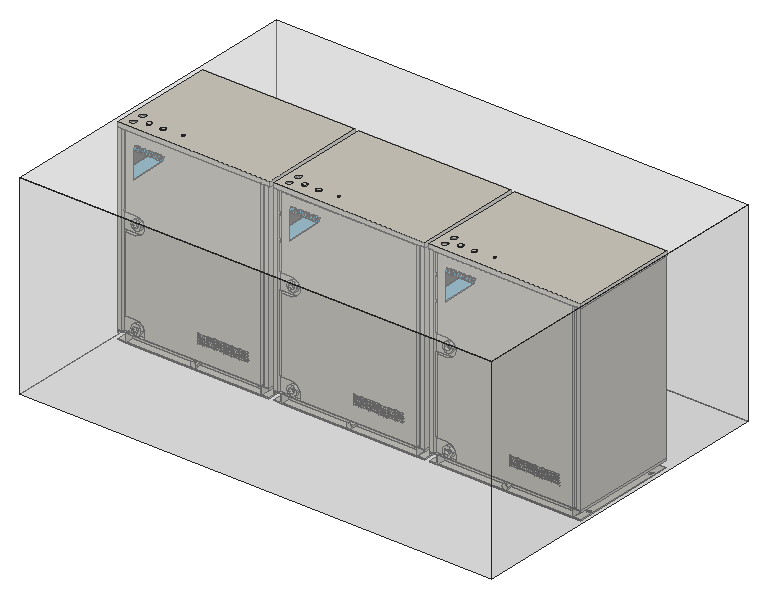
Revit family "outputfile", category 機械設備, Revit 2024 (continued)
Definition of nested family "DAIKIN_outdoorunit_RWEYQ-TY1S"
  Definition of nested family "outdoorunit_frontpanel"
    Dimensions and locks
      aligned and locked: level to plane 2 "Bottom"
      aligned and locked: plane 8 "Left" to Extrusion 1 sketch curve
      aligned and locked: Extrusion 1 sketch curve to plane 4 "Back"
      aligned and locked: plane 5 "Front" to Extrusion 1 sketch curve
      aligned and locked: Extrusion 1 to plane 2 "Bottom"
      aligned and locked: plane 7 "Top" to Extrusion 1
      aligned and locked: plane 3 to plane 8 "Left"
      aligned and locked: plane 8 "Left" to Extrusion 2 sketch curve
      aligned and locked: Extrusion 2 sketch curve to plane 7 "Top"
      aligned and locked: plane 2 "Bottom" to Extrusion 2 sketch curve
      aligned and locked: Extrusion 2 sketch curve to plane 2 "Bottom"
      aligned and locked: plane 6 to Extrusion 2 sketch curve
      aligned and locked: plane 7 "Top" to Extrusion 2 sketch curve
      aligned and locked: Extrusion 2 to plane 1 "Center (Front/Back)"
      aligned and locked: plane 9 "Center L/S" to Extrusion 3
      aligned and locked: Extrusion 4 sketch curve to plane 7 "Top"
      aligned and locked: plane 2 "Bottom" to Extrusion 4 sketch curve
      aligned and locked: Extrusion 4 to plane 9 "Center L/S"
      aligned and locked: Extrusion 5 to plane 5 "Front"
      aligned and locked: plane 9 "Center L/S" to Extrusion 5
      aligned and locked: Extrusion 6 to plane 10 "Center L/T"
    Automatic sketch dimensions
      Extrusion 1 sketch curve to plane 6 = 0.0 mm
      Extrusion 3 sketch curve to plane 7 "Top" = 0.0 mm
      plane 3 to Extrusion 3 sketch curve = 2.0 mm  (x4)
      plane 3 to Extrusion 3 sketch curve = 10.5 mm
      Extrusion 3 sketch curve to Extrusion 3 sketch curve = 71.0 mm
      level to Extrusion 3 sketch curve = 31.0 mm
      Extrusion 3 sketch curve to plane 3 = 33.0 mm
      plane 6 to Extrusion 4 sketch curve = 236.161 mm
      Extrusion 5 sketch curve to Extrusion 5 sketch curve = 0.0 mm  (x4)
      plane 3 to Extrusion 5 sketch curve = 73.0 mm  (x2)
      level to Extrusion 5 sketch curve = 31.0 mm
      Extrusion 5 sketch curve to plane 7 "Top" = 420.0 mm
      level to Extrusion 6 sketch curve = 131.0 mm
      Extrusion 6 sketch curve to plane 6 = 345.2 mm
      Extrusion 6 sketch curve to Extrusion 6 sketch curve = 0.0 mm  (x40)
      Extrusion 6 sketch curve to Extrusion 6 sketch curve = 42.7 mm  (x2)
      Extrusion 6 sketch curve to Extrusion 6 sketch curve = 1.0 mm  (x32)
      Extrusion 6 sketch curve to Extrusion 6 sketch curve = 42.2 mm  (x4)
      Extrusion 6 sketch curve to Extrusion 6 sketch curve = 12.25 mm  (x7)
      Extrusion 6 sketch curve to Extrusion 6 sketch curve = 11.75 mm  (x9)
      radius of Extrusion 5 sketch curve = 25.0 mm  (x2)
      radius of Extrusion 5 sketch curve = 15.5 mm  (x2)
  Definition of nested family "outdoorunit_rightpanel1"
    Parameters (values of type "frontpanel1")
      width = 550.0 mm
      material [instance] = none
      height1 = 931.0 mm
      depth = 20.0 mm
      Default Elevation = 0.0 mm
    Reference planes
      plane 1 "Center (Front/Back)": y = 0
      plane 2 "Bottom": z = 0
      plane 3: x = 0
      plane 4 "Back": y = 10
      plane 5 "Front": y = -10
      plane 6: x = 550
      plane 7 "Top": z = 931
      plane 8 "Left": x = 0
      plane 9: y = -8.75
      plane 10: z = 639
      plane 11: y = -5.75
      plane 12: y = -2.551
      plane 13: y = -13
      plane 14: x = 275
    Forms (mm)
      Extrusion 1, solid, material <- "material"
        sketch origin (0, 0, 0) x (1, 0, 0) y (0, 1, 0)
          loop
            line (0, 10) -> (0, -10) -> (550, -10) -> (550, 10) -> (0, 10)
        from 0 to 931
    Dimensions and locks
      equal spacing: plane 4 "Back", plane 1 "Center (Front/Back)", plane 5 "Front"
      "depth": plane 4 "Back" to plane 5 "Front"
      "width": plane 8 "Left" to plane 6
      "height1": plane 7 "Top" to plane 2 "Bottom"
      locked: plane 10 to plane 2 "Bottom" at 639
      locked: plane 12 to plane 11 at 3.199
      plane 5 "Front" to plane 13 = 3.0 mm
      equal spacing: plane 8 "Left", plane 14, plane 6
      aligned and locked: level to plane 2 "Bottom"
      aligned and locked: plane 8 "Left" to Extrusion 1 sketch curve
      aligned and locked: Extrusion 1 sketch curve to plane 4 "Back"
      aligned and locked: plane 5 "Front" to Extrusion 1 sketch curve
      aligned and locked: Extrusion 1 to plane 2 "Bottom"
      aligned and locked: plane 7 "Top" to Extrusion 1
      aligned and locked: plane 3 to plane 8 "Left"
    Automatic sketch dimensions
      Extrusion 1 sketch curve to plane 6 = 0.0 mm
  Definition of nested family "outdoorunit_backpanel"
    Parameters (values of type "frontpanel1")
      width = 736.0 mm
      material [instance] = none
      height1 = 931.0 mm
      depth = 20.0 mm
      Default Elevation = 0.0 mm
    Reference planes
      plane 1 "Center (Front/Back)": y = 0
      plane 2 "Bottom": z = 0
      plane 3: x = 0
      plane 4 "Back": y = 10
      plane 5 "Front": y = -10
      plane 6: x = 736
      plane 7 "Top": z = 931
      plane 8 "Left": x = 0
      plane 9: z = 639
      plane 10: x = 368
    Forms (mm)
      Extrusion 1, solid, material <- "material"
        sketch origin (0, 0, 0) x (1, 0, 0) y (0, 1, 0)
          loop
            line (0, 10) -> (0, -10) -> (736, -10) -> (736, 10) -> (0, 10)
        from 0 to 931
      Extrusion 2, void
        sketch origin (0, 0, 0) x (1, 0, 0) y (0, 1, 0)
          loop
            line (0, -4) -> (0, -10) -> (21, -10) -> (21, -7) -> (2, -7) -> (2, -4) -> (0, -4)
          loop
            line (736, -4) -> (734, -4) -> (734, -7) -> (715, -7) -> (715, -10) -> (736, -10) -> (736, -4)
        from 0 to 931
    Cuts and joins
      Extrusion 2 cuts Extrusion 1
    Dimensions and locks
      equal spacing: plane 4 "Back", plane 1 "Center (Front/Back)", plane 5 "Front"
      "depth": plane 4 "Back" to plane 5 "Front"
      "width": plane 8 "Left" to plane 6
      "height1": plane 7 "Top" to plane 2 "Bottom"
      locked: plane 9 to plane 2 "Bottom" at 639
      equal spacing: plane 8 "Left", plane 10, plane 6
      aligned and locked: level to plane 2 "Bottom"
      aligned and locked: plane 8 "Left" to Extrusion 1 sketch curve
      aligned and locked: Extrusion 1 sketch curve to plane 4 "Back"
      aligned and locked: plane 5 "Front" to Extrusion 1 sketch curve
      aligned and locked: Extrusion 1 to plane 2 "Bottom"
      aligned and locked: plane 7 "Top" to Extrusion 1
      aligned and locked: plane 3 to plane 8 "Left"
    Automatic sketch dimensions
      Extrusion 1 sketch curve to plane 6 = 0.0 mm
      Extrusion 2 sketch curve to plane 3 = 0.0 mm
      Extrusion 2 sketch curve to plane 5 "Front" = 0.0 mm  (x2)
      Extrusion 2 sketch curve to plane 6 = 0.0 mm
      plane 3 to Extrusion 2 sketch curve = 2.0 mm
      Extrusion 2 sketch curve to Extrusion 2 sketch curve = 19.0 mm
      Extrusion 2 sketch curve to Extrusion 2 sketch curve = 21.0 mm
      Extrusion 2 sketch curve to plane 6 = 2.0 mm
      Extrusion 2 sketch curve to Extrusion 2 sketch curve = 3.0 mm  (x4)
  Definition of nested family "outdoorunit_leftpanel"
    Parameters (values of type "frontpanel1")
      width = 550.0 mm
      material [instance] = none
      height1 = 931.0 mm
      depth = 20.0 mm
      Default Elevation = 0.0 mm
    Reference planes
      plane 1 "Center (Front/Back)": y = 0
      plane 2 "Bottom": z = 0
      plane 3: x = 0
      plane 4 "Back": y = 10
      plane 5 "Front": y = -10
      plane 6: x = 550
      plane 7 "Top": z = 931
      plane 8 "Left": x = 0
      plane 9: y = -8.75
      plane 10: z = 639
      plane 11: y = -5.75
      plane 12: y = -2.551
      plane 13: y = -13
      plane 14: x = 275
    Forms (mm)
      Extrusion 1, solid, material <- "material"
        sketch origin (0, 0, 0) x (1, 0, 0) y (0, 1, 0)
          loop
            line (0, 10) -> (0, -10) -> (550, -10) -> (550, 10) -> (0, 10)
        from 0 to 931
    Dimensions and locks
      equal spacing: plane 4 "Back", plane 1 "Center (Front/Back)", plane 5 "Front"
      "depth": plane 4 "Back" to plane 5 "Front"
      "width": plane 8 "Left" to plane 6
      "height1": plane 7 "Top" to plane 2 "Bottom"
      locked: plane 10 to plane 2 "Bottom" at 639
      locked: plane 12 to plane 11 at 3.199
      plane 5 "Front" to plane 13 = 3.0 mm
      equal spacing: plane 8 "Left", plane 14, plane 6
      aligned and locked: level to plane 2 "Bottom"
      aligned and locked: plane 8 "Left" to Extrusion 1 sketch curve
      aligned and locked: Extrusion 1 sketch curve to plane 4 "Back"
      aligned and locked: plane 5 "Front" to Extrusion 1 sketch curve
      aligned and locked: Extrusion 1 to plane 2 "Bottom"
      aligned and locked: plane 7 "Top" to Extrusion 1
      aligned and locked: plane 3 to plane 8 "Left"
    Automatic sketch dimensions
      Extrusion 1 sketch curve to plane 6 = 0.0 mm
  Definition of nested family "outdoorunit_uppanel"
    Parameters (values of type "frontpanel1")
      width = 780.0 mm
      material [instance] = none
      height1 = 550.0 mm
      depth = 24.0 mm
      Default Elevation = 0.0 mm
    Reference planes
      plane 1 "Center (Front/Back)": y = 0
      plane 2 "Bottom": z = 0
      plane 3: x = 0
      plane 4 "Back": y = 12
      plane 5 "Front": y = -12
      plane 6: x = 780
      plane 7 "Top": z = 550
      plane 8 "Left": x = 0
      plane 9: y = -8.75
      plane 10: z = 639
      plane 11: y = -5.75
      plane 12: y = -2.551
    Forms (mm)
      Extrusion 1, solid, material <- "material"
        sketch origin (0, 0, 0) x (1, 0, 0) y (0, 1, 0)
          loop
            line (0, 12) -> (0, -12) -> (780, -12) -> (780, 12) -> (0, 12)
        from 0 to 550
      Extrusion 2, void
        sketch origin (0, 0, 0) x (1, 0, 0) y (0, 0, 1)
          loop
            circle (51, 38) r 14.5
          loop
            circle (51, 98) r 14.5
        from 9 to 12
    Cuts and joins
      Extrusion 2 cuts Extrusion 1
    Dimensions and locks
      equal spacing: plane 4 "Back", plane 1 "Center (Front/Back)", plane 5 "Front"
      "depth": plane 4 "Back" to plane 5 "Front"
      "width": plane 8 "Left" to plane 6
      "height1": plane 7 "Top" to plane 2 "Bottom"
      locked: plane 10 to plane 2 "Bottom" at 639
      locked: Extrusion 2 sketch curve to plane 8 "Left" at 51  (x2)
      locked: Extrusion 2 sketch curve to level at 38
      locked: Extrusion 2 sketch curve to Extrusion 2 sketch curve at 60
      aligned and locked: level to plane 2 "Bottom"
      aligned and locked: plane 8 "Left" to Extrusion 1 sketch curve
      aligned and locked: Extrusion 1 sketch curve to plane 4 "Back"
      aligned and locked: Extrusion 1 sketch curve to plane 5 "Front"
      aligned and locked: Extrusion 1 to plane 2 "Bottom"
      aligned and locked: plane 7 "Top" to Extrusion 1
      aligned and locked: plane 3 to plane 8 "Left"
    Automatic sketch dimensions
      Extrusion 1 sketch curve to plane 6 = 0.0 mm
      radius of Extrusion 2 sketch curve = 14.5 mm  (x2)
  Definition of nested family "outdoorunit_downpanel"
    Parameters (values of type "frontpanel1")
      width = 736.0 mm
      material [instance] = none
      height1 = 510.0 mm
      depth = 20.0 mm
      Default Elevation = 0.0 mm
    Reference planes
      plane 1 "Center (Front/Back)": y = 0
      plane 2 "Bottom": z = 0
      plane 3: x = 0
      plane 4 "Back": y = 10
      plane 5 "Front": y = -10
      plane 6: x = 736
      plane 7 "Top": z = 510
      plane 8 "Left": x = 0
      plane 9: z = 255
      plane 10: y = -18
      plane 11: y = 6
      plane 12: y = 8
      plane 13: x = 368
    Forms (mm)
      Extrusion 1, solid, material <- "material"
        sketch origin (0, 0, 0) x (1, 0, 0) y (0, 1, 0)
          loop
            line (0, 10) -> (0, -10) -> (736, -10) -> (736, 10) -> (0, 10)
        from 0 to 510
    Dimensions and locks
      equal spacing: plane 4 "Back", plane 1 "Center (Front/Back)", plane 5 "Front"
      "depth": plane 4 "Back" to plane 5 "Front"
      "width": plane 8 "Left" to plane 6
      "height1": plane 7 "Top" to plane 2 "Bottom"
      plane 4 "Back" to plane 11 = 4.0 mm
      plane 4 "Back" to plane 12 = 2.0 mm
      equal spacing: plane 8 "Left", plane 13, plane 6
      equal spacing: plane 7 "Top", plane 9, plane 2 "Bottom"
      aligned and locked: level to plane 2 "Bottom"
      aligned and locked: plane 8 "Left" to Extrusion 1 sketch curve
      aligned and locked: Extrusion 1 sketch curve to plane 4 "Back"
      aligned and locked: plane 5 "Front" to Extrusion 1 sketch curve
      aligned and locked: Extrusion 1 to plane 2 "Bottom"
      aligned and locked: plane 7 "Top" to Extrusion 1
      aligned and locked: plane 3 to plane 8 "Left"
    Automatic sketch dimensions
      Extrusion 1 sketch curve to plane 6 = 0.0 mm
  Definition of nested family "daikin_mountinghole"
    Parameters (values of type "daikin_mountinghole")
      Default Elevation = 1219.2 mm
      Type Comments = "mountinghole"
      show [instance] = yes
      material = none
      l_centerline = 100.0 mm
      l_antenna [instance] = 100.0 mm
      h_mountinghole [instance] = 0.0 mm
      d_circle = 30.0 mm
      Link_Nested Family [instance] = ""
    Reference planes
      plane 1 "Center (Front/Back)": y = 0
      plane 2: z = 0
      plane 3 "Center (Left/Right)": x = 0
      plane 4: y = 50
      plane 5: x = -50
      plane 6: x = 50
      plane 7: y = -50
      plane 8 "h_mountinghole": z = 0
      plane 9: z = 100
    Lines and regions (mm)
      model lines, detail levels fine
        curve 1: circle (0, 0, 0) r 15 normal (0, 0, 1)
        curve 2: line (-50, 0, 0) -> (50, 0, 0)
        curve 3: line (0, 50, 0) -> (0, -50, 0)
      symbolic lines, detail levels fine
        curve 4: circle (0, 0, 0) r 15 normal (0, 0, 1)
        curve 5: line (-50, 0, 0) -> (50, 0, 0)
        curve 6: line (0, 50, 0) -> (0, -50, 0)
      model lines
        curve 7: line (0, 0, 100) -> (0, 0, 0)
    Dimensions and locks
      equal spacing: plane 4, plane 1 "Center (Front/Back)", plane 7
      "l_centerline": plane 4 to plane 7
      equal spacing: plane 5, plane 3 "Center (Left/Right)", plane 6
      "l_centerline": plane 5 to plane 6
      "l_antenna": plane 9 to plane 8 "h_mountinghole"
      "h_mountinghole": plane 8 "h_mountinghole" to plane 2
      "d_circle": diameter of curve 1
      "d_circle": diameter of curve 4
      aligned and locked: level to plane 2
      aligned and locked: plane 1 "Center (Front/Back)" to curve 1
      aligned and locked: plane 3 "Center (Left/Right)" to curve 1
      aligned and locked: plane 1 "Center (Front/Back)" to curve 2
      aligned and locked: curve 3 to plane 3 "Center (Left/Right)"
      aligned and locked: plane 6 to curve 2
      aligned and locked: plane 5 to curve 2
      aligned and locked: plane 4 to curve 3
      aligned and locked: plane 7 to curve 3
      aligned and locked: plane 1 "Center (Front/Back)" to curve 4
      aligned and locked: plane 3 "Center (Left/Right)" to curve 4
      aligned and locked: plane 6 to curve 5
      aligned and locked: plane 5 to curve 5
      aligned and locked: plane 1 "Center (Front/Back)" to curve 5
      aligned and locked: plane 4 to curve 6
      aligned and locked: plane 7 to curve 6
      aligned and locked: curve 6 to plane 3 "Center (Left/Right)"
      aligned and locked: curve 7 to plane 3 "Center (Left/Right)"
      aligned and locked: plane 9 to curve 7
      aligned and locked: plane 8 "h_mountinghole" to curve 7
Definition of nested family "daikin_clearancespace"
  Parameters (values of type "daikin_clearancespace")
    Description = "daikin_clearancespace"
    width [instance] = 1823.963 mm
    show [instance] = yes
    material = none
    height [instance] = 1359.762 mm
    depth [instance] = 880.0 mm
    Default Elevation = 0.0 mm
    Link_Nested Family [instance] = ""
  Reference planes
    plane 1 "Center (Front/Back)": y = 0
    plane 2 "Center (Elevation)": z = -0.119
    plane 3 "Center (Left/Right)": x = 0
    plane 4: y = 440
    plane 5: y = -440
    plane 6 "Right": x = 911.982
    plane 7 "Left": x = -911.982
    plane 8 "Top": z = 679.762
    plane 9 "Bottom": z = -680
  Forms (mm)
    Extrusion 1, solid, material <- "material", visible <- "show"
      sketch origin (0, 0, 0) x (1, 0, 0) y (0, 1, 0)
        loop
          line (-911.982, 440) -> (-911.982, -440) -> (911.982, -440) -> (911.982, 440) -> (-911.982, 440)
      from -680 to 679.762
  Lines and regions (mm)
    symbolic lines, visible <- "show"
      curve 1: line (911.982, 440, 0) -> (-911.982, 440, 0)
      curve 2: line (-911.982, 440, 0) -> (-911.982, -440, 0)
      curve 3: line (-911.982, -440, 0) -> (911.982, -440, 0)
      curve 4: line (911.982, -440, 0) -> (911.982, 440, 0)
      curve 5: line (911.982, 0, 679.762) -> (-911.982, 0, 679.762)
      curve 6: line (911.982, 0, -680) -> (911.982, 0, 679.762)
      curve 7: line (-911.982, 0, -680) -> (911.982, 0, -680)
      curve 8: line (-911.982, 0, 679.762) -> (-911.982, 0, -680)
      curve 9: line (0, 440, 679.762) -> (0, -440, 679.762)
      curve 10: line (0, -440, 679.762) -> (0, -440, -680)
      curve 11: line (0, 440, -680) -> (0, 440, 679.762)
      curve 12: line (0, -440, -680) -> (0, 440, -680)
  Dimensions and locks
    "width": plane 7 "Left" to plane 6 "Right"
    "depth": plane 4 to plane 5
    "height": plane 8 "Top" to plane 9 "Bottom"
    equal spacing: plane 7 "Left", plane 3 "Center (Left/Right)", plane 6 "Right"
    equal spacing: plane 4, plane 1 "Center (Front/Back)", plane 5
    equal spacing: plane 8 "Top", plane 2 "Center (Elevation)", plane 9 "Bottom"
    aligned and locked: level to plane 2 "Center (Elevation)"
    aligned and locked: Extrusion 1 sketch curve to plane 4
    aligned and locked: plane 7 "Left" to Extrusion 1 sketch curve
    aligned and locked: Extrusion 1 sketch curve to plane 5
    aligned and locked: Extrusion 1 sketch curve to plane 6 "Right"
    aligned and locked: plane 8 "Top" to Extrusion 1
    aligned and locked: curve 1 to Extrusion 1
    aligned and locked: curve 2 to Extrusion 1
    aligned and locked: curve 3 to Extrusion 1
    aligned and locked: curve 4 to Extrusion 1
    aligned and locked: curve 5 to Extrusion 1
    aligned and locked: curve 6 to Extrusion 1
    aligned and locked: curve 7 to Extrusion 1
    aligned and locked: curve 8 to Extrusion 1
    aligned and locked: curve 9 to Extrusion 1
    aligned and locked: curve 10 to Extrusion 1
    aligned and locked: curve 11 to Extrusion 1
    aligned and locked: curve 12 to Extrusion 1
    aligned and locked: Extrusion 1 to plane 9 "Bottom"
Definition of nested family "daikin_logo_elevation_w150"
  Parameters (values of type "daikin_logo_elevation_w150")
    width = 150.0 mm
    show_logo [instance] = yes
    material = none
    height = 180.0 mm
    depth = 5.0 mm
    Default Elevation = 0.0 mm
  Reference planes
    plane 1 "Center (Front/Back)": y = 0
    plane 2: z = 0
    plane 3 "Center (Left/Right)": x = 0
    plane 4 "top": z = 180
    plane 5: z = 155.432
    plane 6 "left": x = -90
    plane 7 "right": x = 60
    plane 8: y = -5
  Forms (mm)
    Extrusion 1, solid, visible <- "show_logo"
      sketch origin (0, 0, 0) x (1, 0, 0) y (0, 0, 1)
        loop
          line (-90, 22.832) -> (54.211, 155.432) -> (-19.804, 155.432) -> (-90, 91.131) -> (-90, 22.832)
      from 0 to 5
    Extrusion 2, solid, visible <- "show_logo"
      sketch origin (0, 0, 0) x (1, 0, 0) y (0, 0, 1)
        loop
          line (-90, 155.432) -> (-90, 91.131) -> (-19.804, 155.432) -> (-90, 155.432)
      from 0 to 5
    Extrusion 3, solid, visible <- "show_logo"
      sketch origin (0, 0, 0) x (1, 0, 0) y (0, 0, 1)
        loop
          line (-73.294, 180) -> (-84.431, 180) -> (-90, 157.726) -> (-73.294, 157.726)
          arc (-73.294, 157.726) -> (-66.673, 159.069) -> (-61.582, 163.51) r 13.209
          arc (-61.582, 163.51) -> (-59.344, 169.288) -> (-60.109, 175.436) r 12.685
          arc (-60.109, 175.436) -> (-61.683, 177.678) -> (-64.031, 179.088) r 6.606
          arc (-64.031, 179.088) -> (-68.629, 179.878) -> (-73.294, 180) r 32.396
        loop
          line (-78.863, 162.18) -> (-74.408, 162.18)
          arc (-74.408, 162.18) -> (-70.986, 164.473) -> (-69.002, 168.082) r 8.708
          arc (-69.002, 168.082) -> (-68.734, 170.84) -> (-69.386, 173.533) r 8.337
          arc (-69.386, 173.533) -> (-70.358, 174.487) -> (-71.624, 174.988) r 3.442
          line (-71.624, 174.988) -> (-76.078, 174.988) -> (-78.863, 162.18)
        loop
          line (-61.043, 157.726) -> (-54.918, 157.726) -> (-52.829, 161.624) -> (-44.059, 161.624) -> (-43.223, 157.726) -> (-33.2, 157.726) -> (-37.655, 180) -> (-48.792, 180) -> (-61.043, 157.726)
        loop
          line (-50.145, 166.635) -> (-45.133, 166.635) -> (-46.565, 173.318) -> (-50.145, 166.635)
        loop
          line (-24.847, 180) -> (-30.416, 157.726) -> (-20.949, 157.726) -> (-15.38, 180) -> (-24.847, 180)
        loop
          line (-15.38, 157.726) -> (-5.914, 157.726) -> (-4.4, 163.779) -> (0.212, 157.726) -> (11.906, 157.726) -> (2.996, 169.42) -> (15.804, 180) -> (5.78, 180) -> (-1.94, 173.623) -> (-0.345, 180) -> (-9.812, 180) -> (-15.38, 157.726)
        loop
          line (20.259, 180) -> (14.133, 157.726) -> (24.157, 157.726) -> (29.725, 180) -> (20.259, 180)
        loop
          line (29.725, 157.726) -> (36.408, 157.726) -> (39.555, 170.315) -> (43.647, 157.726) -> (54.784, 157.726) -> (60.353, 180) -> (53.671, 180) -> (50.281, 166.442) -> (45.874, 180) -> (35.294, 180) -> (29.725, 157.726)
      from 0 to 5
  Dimensions and locks
    "height": plane 4 "top" to plane 2
    locked: plane 4 "top" to plane 5 at 24.568
    "width": plane 6 "left" to plane 7 "right"
    "depth": plane 8 to plane 1 "Center (Front/Back)"
    aligned and locked: level to plane 2
    aligned and locked: plane 4 "top" to Extrusion 3  (x8)
    aligned and locked: plane 5 to Extrusion 1
    aligned and locked: plane 5 to Extrusion 2
    aligned and locked: plane 6 "left" to Extrusion 2
    aligned and locked: plane 6 "left" to Extrusion 1
    aligned and locked: Extrusion 3 to plane 8
    aligned and locked: Extrusion 1 to plane 8
    aligned and locked: Extrusion 2 to plane 8
  Automatic sketch dimensions
    level to Extrusion 1 sketch curve = 22.832 mm
    Extrusion 1 sketch curve to Extrusion 1 sketch curve = 68.298 mm
    Extrusion 1 sketch curve to plane 4 "top" = 24.568 mm
    Extrusion 1 sketch curve to plane 3 "Center (Left/Right)" = 19.804 mm
    Extrusion 2 sketch curve to plane 4 "top" = 24.568 mm
    Extrusion 2 sketch curve to plane 3 "Center (Left/Right)" = 19.804 mm
    Extrusion 2 sketch curve to Extrusion 2 sketch curve = 64.302 mm
    Extrusion 3 sketch curve to plane 4 "top" = 0.0 mm  (x8)
    Extrusion 3 sketch curve to plane 4 "top" = 0.912 mm
    Extrusion 3 sketch curve to Extrusion 3 sketch curve = 2.154 mm
    Extrusion 3 sketch curve to Extrusion 3 sketch curve = 6.245 mm
    Extrusion 3 sketch curve to plane 4 "top" = 4.564 mm
    Extrusion 3 sketch curve to Extrusion 3 sketch curve = 5.748 mm
    Extrusion 3 sketch curve to Extrusion 3 sketch curve = 2.001 mm
    Extrusion 3 sketch curve to Extrusion 3 sketch curve = 4.603 mm
    Extrusion 3 sketch curve to Extrusion 3 sketch curve = 0.59 mm
    Extrusion 3 sketch curve to Extrusion 3 sketch curve = 0.07 mm
    Extrusion 3 sketch curve to Extrusion 3 sketch curve = 1.49 mm
    Extrusion 3 sketch curve to plane 4 "top" = 5.012 mm
    Extrusion 3 sketch curve to Extrusion 3 sketch curve = 3.556 mm
    Extrusion 3 sketch curve to Extrusion 3 sketch curve = 5.569 mm  (x3)
    Extrusion 3 sketch curve to Extrusion 3 sketch curve = 0.309 mm
    Extrusion 3 sketch curve to Extrusion 3 sketch curve = 4.455 mm  (x4)
    Extrusion 3 sketch curve to Extrusion 3 sketch curve = 0.288 mm
    Extrusion 3 sketch curve to Extrusion 3 sketch curve = 0.689 mm
    Extrusion 3 sketch curve to Extrusion 3 sketch curve = 2.238 mm
    Extrusion 3 sketch curve to Extrusion 3 sketch curve = 4.528 mm
    Extrusion 3 sketch curve to Extrusion 3 sketch curve = 0.658 mm
    Extrusion 3 sketch curve to Extrusion 3 sketch curve = 2.931 mm
    Extrusion 3 sketch curve to Extrusion 3 sketch curve = 0.357 mm
    Extrusion 3 sketch curve to Extrusion 3 sketch curve = 0.101 mm
    Extrusion 3 sketch curve to Extrusion 3 sketch curve = 11.317 mm
    Extrusion 3 sketch curve to Extrusion 3 sketch curve = 0.539 mm
    Extrusion 3 sketch curve to Extrusion 3 sketch curve = 11.137 mm  (x2)
    Extrusion 3 sketch curve to Extrusion 3 sketch curve = 5.784 mm
    Extrusion 3 sketch curve to Extrusion 3 sketch curve = 10.024 mm  (x3)
    Extrusion 3 sketch curve to Extrusion 3 sketch curve = 0.835 mm
    Extrusion 3 sketch curve to Extrusion 3 sketch curve = 8.771 mm
    Extrusion 3 sketch curve to Extrusion 3 sketch curve = 2.088 mm
    Extrusion 3 sketch curve to Extrusion 3 sketch curve = 3.898 mm
    Extrusion 3 sketch curve to plane 4 "top" = 6.682 mm
    Extrusion 3 sketch curve to Extrusion 3 sketch curve = 2.227 mm  (x2)
    Extrusion 3 sketch curve to Extrusion 3 sketch curve = 2.685 mm
    Extrusion 3 sketch curve to plane 4 "top" = 13.365 mm
    Extrusion 3 sketch curve to Extrusion 3 sketch curve = 5.012 mm
    Extrusion 3 sketch curve to Extrusion 3 sketch curve = 12.808 mm
    Extrusion 3 sketch curve to Extrusion 3 sketch curve = 2.784 mm
    Extrusion 3 sketch curve to Extrusion 3 sketch curve = 9.467 mm  (x4)
    Extrusion 3 sketch curve to Extrusion 3 sketch curve = 0.0 mm  (x5)
    Extrusion 3 sketch curve to Extrusion 3 sketch curve = 5.568 mm  (x2)
    Extrusion 3 sketch curve to plane 3 "Center (Left/Right)" = 0.345 mm
    Extrusion 3 sketch curve to plane 3 "Center (Left/Right)" = 1.94 mm
    Extrusion 3 sketch curve to plane 4 "top" = 6.377 mm
    plane 3 "Center (Left/Right)" to Extrusion 3 sketch curve = 5.78 mm
    plane 3 "Center (Left/Right)" to Extrusion 3 sketch curve = 2.996 mm
    Extrusion 3 sketch curve to Extrusion 3 sketch curve = 4.203 mm
    plane 3 "Center (Left/Right)" to Extrusion 3 sketch curve = 11.906 mm
    Extrusion 3 sketch curve to Extrusion 3 sketch curve = 11.694 mm
    plane 3 "Center (Left/Right)" to Extrusion 3 sketch curve = 0.212 mm
    Extrusion 3 sketch curve to plane 3 "Center (Left/Right)" = 4.4 mm
    Extrusion 3 sketch curve to Extrusion 3 sketch curve = 6.053 mm
    Extrusion 3 sketch curve to plane 3 "Center (Left/Right)" = 5.914 mm
    Extrusion 3 sketch curve to Extrusion 3 sketch curve = 10.581 mm
    Extrusion 3 sketch curve to plane 4 "top" = 13.558 mm
    Extrusion 3 sketch curve to Extrusion 3 sketch curve = 4.406 mm
    Extrusion 3 sketch curve to Extrusion 3 sketch curve = 7.796 mm
    Extrusion 3 sketch curve to Extrusion 3 sketch curve = 6.682 mm  (x2)
    Extrusion 3 sketch curve to Extrusion 3 sketch curve = 4.503 mm
    Extrusion 3 sketch curve to Extrusion 3 sketch curve = 8.716 mm
    Extrusion 3 sketch curve to Extrusion 3 sketch curve = 6.634 mm
    Extrusion 3 sketch curve to plane 4 "top" = 9.685 mm
    Extrusion 3 sketch curve to Extrusion 3 sketch curve = 4.261 mm
    Extrusion 3 sketch curve to Extrusion 3 sketch curve = 1.67 mm
    Extrusion 3 sketch curve to Extrusion 3 sketch curve = 8.353 mm
    Extrusion 1 sketch curve to plane 3 "Center (Left/Right)" = 90.0 mm
    Extrusion 2 sketch curve to Extrusion 2 sketch curve = 70.196 mm
    plane 3 "Center (Left/Right)" to Extrusion 1 sketch curve = 54.211 mm
Definition of nested family "daikin_mountinghole"
  Parameters (values of type "daikin_mountinghole")
    Default Elevation = 1219.2 mm
    Type Comments = "mountinghole"
    show [instance] = yes
    material = none
    l_centerline = 100.0 mm
    l_antenna [instance] = 100.0 mm
    h_mountinghole [instance] = 0.0 mm
    d_circle = 30.0 mm
    Link_Nested Family [instance] = ""
  Reference planes
    plane 1 "Center (Front/Back)": y = 0
    plane 2: z = 0
    plane 3 "Center (Left/Right)": x = 0
    plane 4: y = 50
    plane 5: x = -50
    plane 6: x = 50
    plane 7: y = -50
    plane 8 "h_mountinghole": z = 0
    plane 9: z = 100
  Lines and regions (mm)
    model lines, detail levels fine
      curve 1: circle (0, 0, 0) r 15 normal (0, 0, 1)
      curve 2: line (-50, 0, 0) -> (50, 0, 0)
      curve 3: line (0, 50, 0) -> (0, -50, 0)
    symbolic lines, detail levels fine
      curve 4: circle (0, 0, 0) r 15 normal (0, 0, 1)
      curve 5: line (-50, 0, 0) -> (50, 0, 0)
      curve 6: line (0, 50, 0) -> (0, -50, 0)
    model lines
      curve 7: line (0, 0, 100) -> (0, 0, 0)
  Dimensions and locks
    equal spacing: plane 4, plane 1 "Center (Front/Back)", plane 7
    "l_centerline": plane 4 to plane 7
    equal spacing: plane 5, plane 3 "Center (Left/Right)", plane 6
    "l_centerline": plane 5 to plane 6
    "l_antenna": plane 9 to plane 8 "h_mountinghole"
    "h_mountinghole": plane 8 "h_mountinghole" to plane 2
    "d_circle": diameter of curve 1
    "d_circle": diameter of curve 4
    aligned and locked: level to plane 2
    aligned and locked: plane 1 "Center (Front/Back)" to curve 1
    aligned and locked: plane 3 "Center (Left/Right)" to curve 1
    aligned and locked: plane 1 "Center (Front/Back)" to curve 2
    aligned and locked: curve 3 to plane 3 "Center (Left/Right)"
    aligned and locked: plane 6 to curve 2
    aligned and locked: plane 5 to curve 2
    aligned and locked: plane 4 to curve 3
    aligned and locked: plane 7 to curve 3
    aligned and locked: plane 1 "Center (Front/Back)" to curve 4
    aligned and locked: plane 3 "Center (Left/Right)" to curve 4
    aligned and locked: plane 6 to curve 5
    aligned and locked: plane 5 to curve 5
    aligned and locked: plane 1 "Center (Front/Back)" to curve 5
    aligned and locked: plane 4 to curve 6
    aligned and locked: plane 7 to curve 6
    aligned and locked: curve 6 to plane 3 "Center (Left/Right)"
    aligned and locked: curve 7 to plane 3 "Center (Left/Right)"
    aligned and locked: plane 9 to curve 7
    aligned and locked: plane 8 "h_mountinghole" to curve 7
Definition of nested family "daikin_connector_rotate3"
  Parameters (values of type "daikin_connector_rotate3")
    show [instance] = yes
    radius [instance] = 10.0 mm
    length [instance] = 600.0 mm
    angle_horizontal [instance] = 60.00°
    angle_vertical [instance] = 90.00°
    Default Elevation = 0.0 mm
  Reference planes
    plane 1 "Center (Front/Back)": y = 0
    plane 2: z = 0
    plane 3 "Center (Left/Right)": x = 0
  Dimensions and locks
    "angle_horizontal": angle plane 3 "Center (Left/Right)" to nested 1
    aligned and locked: level to plane 2
    aligned and locked: plane 1 "Center (Front/Back)" to nested 1  (x2)
    aligned and locked: plane 3 "Center (Left/Right)" to nested 1
  Nested families
    nested 1: "daikin_connector_rotate2" at (0, 0, 0) x (0.5, 0.866, 0) z (0, 0, 1), angle_vertical <- "angle_vertical", length <- "length", radius <- "radius", type "daikin_connector_rotate2"
      with radius 10.0 mm, length 600.0 mm, angle_vertical 90.00°
  Definition of nested family "daikin_connector_rotate2"
    Parameters (values of type "daikin_connector_rotate2")
      show_face = yes
      radius [instance] = 10.0 mm
      length [instance] = 600.0 mm
      d_surface = 10.0 mm
      angle_vertical [instance] = 90.00°
      Default Elevation = 0.0 mm
    Reference planes
      plane 1 "Center (Front/Back)": y = 0
      plane 2: z = 0
      plane 3 "Center (Left/Right)": x = 0
    Forms (mm)
      Extrusion 1, solid, visible <- "show_face"
        sketch origin (0, -600, 0) x (1, 0, 0) y (0, 0, 1)
          loop
            circle (0, 0) r 10
        from 0 to -10
    Lines and regions (mm)
      reference lines
        curve 1: line (0, 0, 0) -> (0, -600, 0)
      symbolic lines
        curve 2: circle (0, 0, 0) r 5 normal (0, 0, 1)
      model lines, visible <- "show_face"
        curve 3: line (0, 0, 0) -> (0, -600, 0)
    Dimensions and locks
      "length": curve 1 to curve 1
      "length": curve 3 to curve 3
      "d_surface": Extrusion 1 to Extrusion 1
      "radius": radius of Extrusion 1 sketch curve
      "angle_vertical": angle curve 1 to plane 1 "Center (Front/Back)"
      "angle_vertical": angle curve 3 to plane 1 "Center (Front/Back)"
      aligned and locked: level to plane 2
      aligned and locked: plane 1 "Center (Front/Back)" to curve 1
      aligned and locked: plane 2 to curve 1
      aligned and locked: plane 1 "Center (Front/Back)" to curve 2
      aligned and locked: plane 3 "Center (Left/Right)" to curve 2
      aligned and locked: plane 1 "Center (Front/Back)" to curve 3
      aligned and locked: plane 2 to curve 3
      aligned and locked: Extrusion 1 to Extrusion 1
    Automatic sketch dimensions
      Extrusion 1 sketch curve to level = 0.0 mm
      Extrusion 1 sketch curve to plane 3 "Center (Left/Right)" = 0.0 mm
      radius of curve 2 = 5.0 mm
